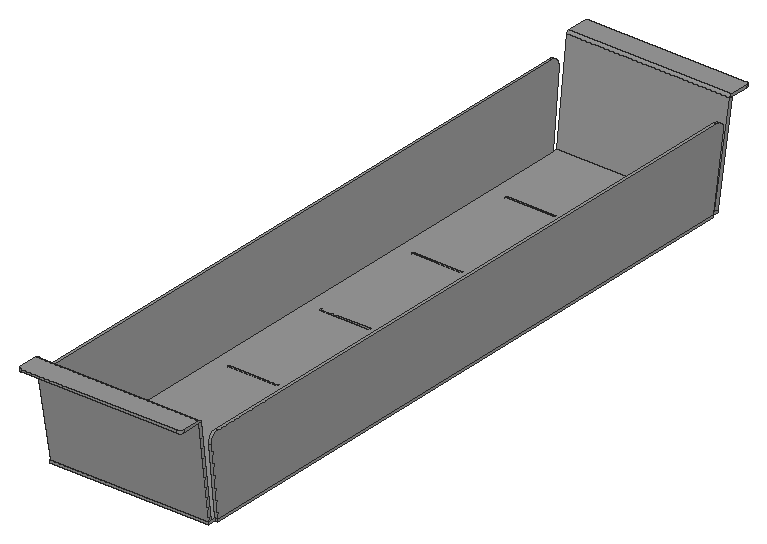
Revit family "ALMA-Arthur_Slimline_Colander", category Food Service Equipment, Revit 2026
Family settings
  Round Connector Dimension = Use Diameter
  Part Type = Normal
  Work Plane-Based = Yes
  Enable Cutting in Views = Yes
  Always vertical = Yes
  Cut with Voids When Loaded = No
  Maintain Annotation Orientation = No
  Shared = No
  Room Calculation Point = No
Parameters (values of type "BRUSHED STAINLESS STEEL")
  Material = BM_STAINLESS STEEL
  Default Elevation = 1219.2 mm
Types (4, lengths in mm): name | Material
  (no name) | BM_STAINLESS STEEL
  BRUSHED BRASS GOLD | BM_BRASS GOLD
  BRUSHED GUNMETAL | BM_GUNMETAL
  BRUSHED STAINLESS STEEL | BM_STAINLESS STEEL
Reference planes
  plane 1 "Center (Front/Back)": y = 0
  plane 2: z = 0
  plane 3 "Center (Left/Right)": x = 0
  plane 4: z = 50
  plane 5: y = 212.505
  plane 6: y = 197.505
  plane 7: y = -212.505
  plane 8: y = -197.505
  plane 9: x = 48.75
  plane 10: x = -48.75
  plane 11: y = 190
  plane 12: y = -190
  plane 13: y = 185
  plane 14: y = -185
Forms (mm)
  Extrusion 1, solid, material "BM_STAINLESS STEEL" <- "Material"
    sketch origin (0, -2.096, 29.689) x (1, 0, 0) y (0, -0.156373, 0.987698)
      loop
        line (-48.737, 60.132) -> (-47.168, 1.047) -> (47.229, 1.047) -> (48.751, 60.132) -> (-48.737, 60.132)
    from 188.5 to 190
  Extrusion 2, solid, material "BM_STAINLESS STEEL" <- "Material"
    sketch origin (0, 2.096, 29.689) x (1, 0, 0) y (0, -0.156373, -0.987698)
      loop
        line (-48.75, -60.132) -> (48.753, -60.132) -> (47.231, -1.047) -> (-47.223, -1.047) -> (-48.75, -60.132)
    from 188.5 to 190
  Extrusion 3, void
    sketch origin (0, 0, 0) x (0, 1, 0) y (0, 0, 1)
      loop
        line (-191.543, 1.5) -> (-191.543, 0) -> (192.1, 0) -> (192.1, 1.5) -> (-191.543, 1.5)
    from -52.392 to 55.538
  Extrusion 4, solid, material "BM_STAINLESS STEEL" <- "Material"
    sketch origin (0, 0, 0) x (0, -1, 0) y (1, 0, 0)
      loop
        line (190, 47.249) -> (185, 47.249) -> (185, 48.75) -> (-185, 48.75) -> (-185, 47.249) -> (-190, 47.249) -> (-190, -47.249) -> (-185, -47.249) -> (-185, -48.75) -> (185, -48.75) -> (185, -47.249) -> (190, -47.249) -> (190, 47.249)
      loop
        arc (-138.439, -36.749) -> (-137.689, -37.499) -> (-136.939, -36.749) r 0.75
        line (-136.939, -36.749) -> (-136.939, -8.25)
        arc (-136.939, -8.25) -> (-137.689, -7.5) -> (-138.439, -8.25) r 0.75
        line (-138.439, -8.25) -> (-138.439, -36.749)
      loop
        arc (-138.439, 8.25) -> (-137.689, 7.5) -> (-136.939, 8.25) r 0.75
        line (-136.939, 8.25) -> (-136.939, 36.749)
        arc (-136.939, 36.749) -> (-137.689, 37.499) -> (-138.439, 36.749) r 0.75
        line (-138.439, 36.749) -> (-138.439, 8.25)
      loop
        arc (-69.646, -37.456) -> (-68.896, -38.206) -> (-68.146, -37.456) r 0.75
        line (-68.146, -37.456) -> (-68.146, -8.957)
        arc (-68.146, -8.957) -> (-68.896, -8.207) -> (-69.646, -8.957) r 0.75
        line (-69.646, -8.957) -> (-69.646, -37.456)
      loop
        arc (-69.646, 7.543) -> (-68.896, 6.793) -> (-68.146, 7.543) r 0.75
        line (-68.146, 7.543) -> (-68.146, 36.042)
        arc (-68.146, 36.042) -> (-68.896, 36.792) -> (-69.646, 36.042) r 0.75
        line (-69.646, 36.042) -> (-69.646, 7.543)
      loop
        arc (-0.853, -37.456) -> (-0.103, -38.206) -> (0.647, -37.456) r 0.75
        line (0.647, -37.456) -> (0.647, -8.957)
        arc (0.647, -8.957) -> (-0.103, -8.207) -> (-0.853, -8.957) r 0.75
        line (-0.853, -8.957) -> (-0.853, -37.456)
      loop
        arc (-0.853, 7.543) -> (-0.103, 6.793) -> (0.647, 7.543) r 0.75
        line (0.647, 7.543) -> (0.647, 36.042)
        arc (0.647, 36.042) -> (-0.103, 36.792) -> (-0.853, 36.042) r 0.75
        line (-0.853, 36.042) -> (-0.853, 7.543)
      loop
        arc (67.94, -37.456) -> (68.69, -38.206) -> (69.44, -37.456) r 0.75
        line (69.44, -37.456) -> (69.44, -8.957)
        arc (69.44, -8.957) -> (68.69, -8.207) -> (67.94, -8.957) r 0.75
        line (67.94, -8.957) -> (67.94, -37.456)
      loop
        arc (67.94, 7.543) -> (68.69, 6.793) -> (69.44, 7.543) r 0.75
        line (69.44, 7.543) -> (69.44, 36.042)
        arc (69.44, 36.042) -> (68.69, 36.792) -> (67.94, 36.042) r 0.75
        line (67.94, 36.042) -> (67.94, 7.543)
      loop
        arc (136.733, -37.456) -> (137.483, -38.206) -> (138.233, -37.456) r 0.75
        line (138.233, -37.456) -> (138.233, -8.957)
        arc (138.233, -8.957) -> (137.483, -8.207) -> (136.733, -8.957) r 0.75
        line (136.733, -8.957) -> (136.733, -37.456)
      loop
        arc (136.733, 7.543) -> (137.483, 6.793) -> (138.233, 7.543) r 0.75
        line (138.233, 7.543) -> (138.233, 36.042)
        arc (138.233, 36.042) -> (137.483, 36.792) -> (136.733, 36.042) r 0.75
        line (136.733, 36.042) -> (136.733, 7.543)
    from 0 to 1.5
  Extrusion 5, void
    sketch origin (0, 0, 0) x (0, 1, 0) y (0, 0, 1)
      loop
        line (-199.415, 59.788) -> (-199.415, 58.5) -> (-197.281, 58.5) -> (-197.281, 59.788) -> (-199.415, 59.788)
    from -52.392 to 50.416
  Extrusion 6, void
    sketch origin (0, 0, 0) x (0, 1, 0) y (0, 0, 1)
      loop
        line (197.141, 58.5) -> (199.722, 58.5) -> (199.722, 59.884) -> (197.141, 59.884) -> (197.141, 58.5)
    from -50.854 to 52.306
  Extrusion 7, solid, material "BM_STAINLESS STEEL" <- "Material"
    sketch origin (0, 0, 0) x (1, 0, 0) y (0, 1, 0)
      loop
        arc (-46.249, 212.505) -> (-48.017, 211.773) -> (-48.749, 210.005) r 2.5
        line (-48.749, 210.005) -> (-48.749, 197.505) -> (48.749, 197.505) -> (48.749, 210.005)
        arc (48.749, 210.005) -> (48.017, 211.773) -> (46.249, 212.505) r 2.5
        line (46.249, 212.505) -> (-46.249, 212.505)
    from 58.5 to 60
  Sweep 8, void
    path in 3D
      loop
        line (-48.749, 197.505, 60) -> (48.749, 197.505, 60)
    profile origin (0, 197.505, 60) x (0, 1, 0) y (0, 0, 1)
      loop
        line (1.6, 0) -> (0, 0) -> (0, -1.6)
        arc (0, -1.6) -> (0.469, -0.469) -> (1.6, 0) r 1.6
  Extrusion 9, solid, material "BM_STAINLESS STEEL" <- "Material"
    sketch origin (0, 0, 0) x (1, 0, 0) y (0, 1, 0)
      loop
        line (-46.249, -212.505) -> (46.249, -212.505)
        arc (46.249, -212.505) -> (48.017, -211.773) -> (48.749, -210.005) r 2.5
        line (48.749, -210.005) -> (48.749, -197.505) -> (-48.749, -197.505) -> (-48.749, -210.005)
        arc (-48.749, -210.005) -> (-48.017, -211.773) -> (-46.249, -212.505) r 2.5
    from 58.5 to 60
  Sweep 10, void
    path in 3D
      loop
        line (48.749, -197.505, 60) -> (-48.749, -197.505, 60)
    profile origin (0, -197.505, 60) x (0, -1, 0) y (0, 0, 1)
      loop
        line (1.6, 0) -> (0, 0) -> (0, -1.6)
        arc (0, -1.6) -> (0.469, -0.469) -> (1.6, 0) r 1.6
  Extrusion 11, solid, material "BM_STAINLESS STEEL" <- "Material"
    sketch origin (1.21, 0, 1.258) x (0, -1, 0) y (-0.025748, 0, -0.999668)
      loop
        line (-186.086, -50.041) -> (186.078, -50.041)
        arc (186.078, -50.041) -> (189.907, -48.257) -> (191.003, -44.178) r 5
        line (191.003, -44.178) -> (185, -1.466) -> (-185, -1.466) -> (-191.073, -44.681)
        arc (-191.073, -44.681) -> (-189.747, -48.447) -> (-186.086, -50.041) r 5
    from 46.018 to 47.518
  Extrusion 12, solid, material "BM_STAINLESS STEEL" <- "Material"
    sketch origin (-1.21, 0, 1.258) x (0, -1, 0) y (-0.025748, 0, 0.999668)
      loop
        arc (-186.086, 50.041) -> (-189.747, 48.447) -> (-191.073, 44.681) r 5
        line (-191.073, 44.681) -> (-185, 1.466) -> (185, 1.466) -> (191.003, 44.178)
        arc (191.003, 44.178) -> (189.907, 48.257) -> (186.078, 50.041) r 5
        line (186.078, 50.041) -> (-186.086, 50.041)
    from 46.018 to 47.518
Cuts and joins
  Extrusion 3, Extrusion 5 cuts Extrusion 1
  Extrusion 3, Extrusion 6 cuts Extrusion 2
  Sweep 8 cuts Extrusion 7
  Sweep 10 cuts Extrusion 9
Lines and regions (mm)
  sketch lines
    curve 1: line (-48.749, 197.505, 60) -> (48.749, 197.505, 60)
    curve 2: line (48.749, -197.505, 60) -> (-48.749, -197.505, 60)
Text (mm)
  text "Refer to www.buildmat.com.au for the most current product literature. \nAllow a +/- 5mm tolerance for dimensions shown in the product literature. \nPlease note product details are subject to change due to ongoing product development." at (-23.416, -485.673, 0), in view "Ref. Level"
Dimensions and locks
  plane 10 to plane 9 = 97.5 mm
  plane 5 to plane 7 = 425.011 mm
  aligned and locked: level to plane 2
